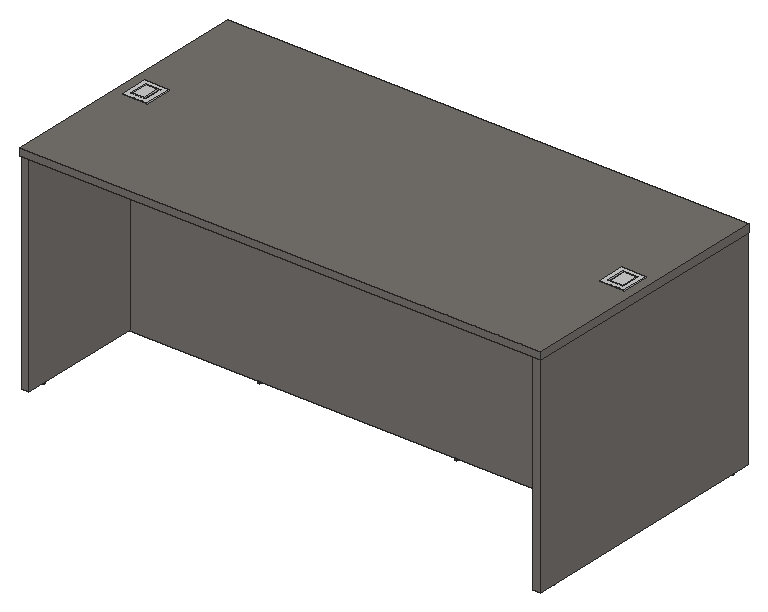
Revit family "Steelcase Turnstone - Campfire - Big Table", category Furniture, Revit 2016
Family settings
  Work Plane-Based = No
  Always vertical = Yes
  Cut with Voids When Loaded = No
  Shared = No
  Room Calculation Point = No
Parameters (values of type "48D x 40H - Power Cutout")
  Without Through 24'' D = no
  Width = 96.00"
  URL = "https://www.steelcase.com"
  Trough Void = 45.00"
  Top [instance] = Steelcase - 25L6 Blackwood LPL
  Symbol Name = "TS4TLP40A1,TS4TLP40A2,TS4TLP40A3,TS4TLP40A4"
  Style Number(s) = "TS4TLP40"
  Release Date = "April 2018"  # constant formula
  Product Line = "Turnstone"  # constant formula
  Product = "Campfire"  # constant formula
  Power Cutout = yes
  Opaque [instance] = yes
  Manufacturer = "Steelcase"  # constant formula
  With Trough = not(Trough Void = 45.00")  # no
  Height = 40.27"
  End Panel [instance] = Steelcase - 25L6 Blackwood LPL
  Description = ""
  Depth = 48.00"
  Copyright = "© 2010 Steelcase Inc."  # constant formula
  Center Rail = no
  Center Panel Height = 38.29"
  Without Trough 48'' D = yes
  Modesty Panel [instance] = Steelcase - 25L6 Blackwood LPL
  Center Panel Dist = 23.69495"
  AutoCAD Tag = "48/96"
  Authoring Version = "Revit 2016"  # constant formula
  Assembly Code = "E2020200"
Types (10): name | Without Through 24'' D | Trough Void | Symbol Name | Style Number(s) | Power Cutout | With Trough | Height | Depth | Center Rail | Center Panel Height | Without Trough 48'' D | Center Panel Dist | AutoCAD Tag
  48D x 40H - Power Cutout | no | 45.00" | "TS4TLP40A1,TS4TLP40A2,TS4TLP40A3,TS4TLP40A4" | "TS4TLP40" | yes | no | 40.27" | 48.00" | no | 38.29" | yes | 23.69495" | "48/96"
  48D x 28H - Power Cutout | no | 45.00" | "TS4TLP28A1,TS4TLP28A2,TS4TLP28A3,TS4TLP28A4" | "TS4TLP28" | yes | no | 28.00" | 48.00" | no | 26.29" | yes | 23.69495" | "48/96"
  24D x 40H | yes | 45.00" | "TS4TLH40A1,TS4TLH40A2,TS4TLH40A3,TS4TLH40A4" | "TS4TLH40" | no | no | 40.27" | 24.00" | no | 38.55" | no | 0.00" | "24/96"
  24D x 28H | yes | 45.00" | "TS4TLH28A1,TS4TLH28A2,TS4TLH28A3,TS4TLH28A4" | "TS4TLH28" | no | no | 28.00" | 24.00" | no | 26.29" | no | 0.00" | "24/96"
  48D x 28H - Through/Center Rail | no | 23.95" | "TS4TLT28A5,TS4TLT28A6,TS4TLT28A7,TS4TLT28A8" | "TS4TLT28" | yes | yes | 28.00" | 48.00" | yes | 26.29" | no | 23.69495" | "48/96"
  48D x 40H - Through/Center Rail | no | 35.95" | "TS4TLT40A5,TS4TLT40A6,TS4TLT40A7,TS4TLT40A8" | "TS4TLT40" | yes | yes | 40.00" | 48.3899" | yes | 38.29" | no | 23.69495" | "48/96"
  48D x 28H | no | 45.00" | "TS4TL2,TS4TL28A2,TS4TL28A3,TS4TL28A4" | "TS4TL28" | no | no | 28.00" | 48.00" | no | 26.29" | yes | 23.69495" | "48/96"
  48D x 28H - Through | no | 23.95" | "TS4TT2,TS4TLT28A2,TS4TLT28A3,TS4TLT28A4" | "TS4TLT28" | yes | yes | 28.00" | 48.00" | no | 26.29" | no | 23.69495" | "48/96"
  48D x 40H - Through | no | 35.95" | "TS4TT4,TS4TLT40A2,TS4TLT40A3,TS4TLT40A4" | "TS4TLT40" | yes | yes | 40.00" | 48.3899" | no | 38.29" | no | 23.69495" | "48/96"
  48D x 40H | no | 45.00" | "TS4TL4,TS4TL40A2,TS4TL40A3,TS4TL40A4" | "TS4TL40" | no | no | 40.27" | 48.00" | no | 38.56" | yes | 23.69495" | "48/96"
Reference planes (in)
  plane 1 "Center Front/Back": y = 0
  plane 2 "Bottom": z = 0
  plane 3 "Center Left/Right": x = 0
  plane 4: x = 96
  plane 5: z = 40.27
  plane 6: z = 38.8798
  plane 7: z = 0.3189
  plane 8: x = 1.5152
  plane 9: x = 0.125
  plane 10: x = 95.875
  plane 11: x = 94.4848
  plane 12: y = -0.125
  plane 13: y = -47.875
  plane 14: y = -48
  plane 15: y = -23.69495
  plane 16: y = -24.69495
  plane 17: y = -26.657
  plane 18: y = -27.657
  plane 19: y = -27.577
  plane 20: x = 85.4427
  plane 21: x = 73.4427
  plane 22: x = 64.4809
  plane 23: x = 52.4809
  plane 24: x = 43.5191
  plane 25: x = 31.5191
  plane 26: x = 22.5573
  plane 27: x = 10.5573
  plane 28: z = 37.3798
  plane 29: z = 38.7998
  plane 30: y = -21.343
  plane 31: y = -20.343
  plane 32: y = -20.423
  plane 33: z = 40.37
  plane 34: y = -21
  plane 35: y = -27
  plane 36: x = 7.89999
  plane 37: x = 88.10001
  plane 38: x = 7.99999
  plane 39: y = -26.98
  plane 40: y = -21.02
  plane 41: z = 39.97
  plane 42: z = 38.6089
  plane 43: z = 35.95
  plane 44: z = 36.065
  plane 45: z = 38.7598
  plane 46: y = -2.5
Forms (in)
  Extrusion 1, solid, material "Steelcase - 25L6 Blackwood LPL" <- "Top"
    sketch origin (0, 0, 0) x (1, 0, 0) y (0, 1, 0)
      loop
        line (0, -0.125) -> (0, -48) -> (96, -48) -> (96, -0.125) -> (0, -0.125)
    from 38.8798 to 40.27
  Extrusion 2, solid, material "Steelcase - 25L6 Blackwood LPL" <- "End Panel"
    sketch origin (0, 0, 0) x (1, 0, 0) y (0, 0, 1)
      loop
        line (0.125, 38.8798) -> (0.125, 0.3189) -> (1.5152, 0.3189) -> (1.5152, 38.8798) -> (0.125, 38.8798)
      loop
        line (94.4848, 38.8798) -> (94.4848, 0.3189) -> (95.875, 0.3189) -> (95.875, 38.8798) -> (94.4848, 38.8798)
    from 0 to 47.875
  Extrusion 3, solid, material "Steelcase - 6205 Black"
    sketch origin (0, 0, 0) x (1, 0, 0) y (0, 1, 0)
      loop
        line (1.01755, -2.625) -> (0.62255, -2.625) -> (0.2427, -3.125) -> (0.62255, -3.625) -> (1.01755, -3.625) -> (1.3974, -3.125) -> (1.01755, -2.625)
      loop
        line (1.01755, -43.62513) -> (0.62255, -43.62513) -> (0.2427, -44.12513) -> (0.62255, -44.62513) -> (1.01755, -44.62513) -> (1.3974, -44.12513) -> (1.01755, -43.62513)
      loop
        line (95.37745, -2.625) -> (94.98245, -2.625) -> (94.6026, -3.125) -> (94.98245, -3.625) -> (95.37745, -3.625) -> (95.7573, -3.125) -> (95.37745, -2.625)
      loop
        line (95.37745, -43.87487) -> (94.98245, -43.87487) -> (94.6026, -44.37487) -> (94.98245, -44.87487) -> (95.37745, -44.87487) -> (95.7573, -44.37487) -> (95.37745, -43.87487)
      loop
        line (25.55266, -23.69495) -> (25.19554, -23.69495) -> (24.79675, -24.21989) -> (25.15766, -24.69495) -> (25.59054, -24.69495) -> (25.95145, -24.21989) -> (25.55266, -23.69495)
      loop
        line (61.48554, -23.69495) -> (61.08675, -24.21989) -> (61.44766, -24.69495) -> (61.88054, -24.69495) -> (62.24145, -24.21989) -> (61.84266, -23.69495) -> (61.48554, -23.69495)
    from 0 to 0.32
  Extrusion 4, solid, material "Steelcase - 4799 Platinum Metallic", visible <- "Without Trough 48'' D"
    sketch origin (0, 0, 0) x (1, 0, 0) y (0, 0, 1)
      loop
        line (10.5573, 37.3798) -> (22.5573, 37.3798) -> (22.5573, 38.8798) -> (10.5573, 38.8798) -> (10.5573, 37.3798)
      loop
        line (31.5191, 37.3798) -> (43.5191, 37.3798) -> (43.5191, 38.8798) -> (31.5191, 38.8798) -> (31.5191, 37.3798)
      loop
        line (52.4809, 37.3798) -> (64.4809, 37.3798) -> (64.4809, 38.8798) -> (52.4809, 38.8798) -> (52.4809, 37.3798)
      loop
        line (73.4427, 37.3798) -> (85.4427, 37.3798) -> (85.4427, 38.8798) -> (73.4427, 38.8798) -> (73.4427, 37.3798)
    from 27.577 to 27.657
  Extrusion 5, solid, material "Steelcase - 4799 Platinum Metallic", visible <- "Without Trough 48'' D"
    sketch origin (0, 0, 0) x (1, 0, 0) y (0, 1, 0)
      loop
        line (10.5573, -26.657) -> (10.5573, -27.577) -> (22.5573, -27.577) -> (22.5573, -26.657) -> (10.5573, -26.657)
      loop
        line (31.5191, -26.657) -> (31.5191, -27.577) -> (43.5191, -27.577) -> (43.5191, -26.657) -> (31.5191, -26.657)
      loop
        line (52.4809, -26.657) -> (52.4809, -27.577) -> (64.4809, -27.577) -> (64.4809, -26.657) -> (52.4809, -26.657)
      loop
        line (73.4427, -26.657) -> (73.4427, -27.577) -> (85.4427, -27.577) -> (85.4427, -26.657) -> (73.4427, -26.657)
    from 38.7998 to 38.8798
  Extrusion 6, solid, material "Steelcase - 4799 Platinum Metallic", visible <- "Without Trough 48'' D"
    sketch origin (0, -48, 0) x (1, 0, 0) y (0, 1, 0)
      loop
        line (10.5573, 26.657) -> (22.5573, 26.657) -> (22.5573, 27.577) -> (10.5573, 27.577) -> (10.5573, 26.657)
      loop
        line (31.5191, 26.657) -> (43.5191, 26.657) -> (43.5191, 27.577) -> (31.5191, 27.577) -> (31.5191, 26.657)
      loop
        line (52.4809, 26.657) -> (64.4809, 26.657) -> (64.4809, 27.577) -> (52.4809, 27.577) -> (52.4809, 26.657)
      loop
        line (73.4427, 26.657) -> (85.4427, 26.657) -> (85.4427, 27.577) -> (73.4427, 27.577) -> (73.4427, 26.657)
    from 38.7998 to 38.8798
  Extrusion 7, solid, material "Steelcase - 4799 Platinum Metallic", visible <- "Without Trough 48'' D"
    sketch origin (0, -47.99716, -4.5) x (1, 0, 0) y (0, 0, -1)
      loop
        line (10.5573, -41.8798) -> (10.5573, -43.3798) -> (22.5573, -43.3798) -> (22.5573, -41.8798) -> (10.5573, -41.8798)
      loop
        line (31.5191, -41.8798) -> (31.5191, -43.3798) -> (43.5191, -43.3798) -> (43.5191, -41.8798) -> (31.5191, -41.8798)
      loop
        line (52.4809, -41.8798) -> (52.4809, -43.3798) -> (64.4809, -43.3798) -> (64.4809, -41.8798) -> (52.4809, -41.8798)
      loop
        line (73.4427, -41.8798) -> (73.4427, -43.3798) -> (85.4427, -43.3798) -> (85.4427, -41.8798) -> (73.4427, -41.8798)
    from 27.57416 to 27.65416
  Extrusion 8, void, detail levels fine
    sketch origin (0, 0, 0) x (1, 0, 0) y (0, 1, 0)
      loop
        line (0, -21) -> (0, -27) -> (96, -27) -> (96, -21) -> (0, -21)
    from 45 <- "Trough Void" to 40.27
  Extrusion 9, solid, material "Steelcase - 4799 Platinum Metallic", visible <- "With Trough"
    sketch origin (88.10001, -20.02, 48) x (0, -1, 0) y (0, 0, 1)
      loop
        line (-1.02, -12.05) -> (8.98, -12.05) -> (8.98, -9.2402) -> (9.98, -9.2402) -> (9.98, -9.1202) -> (8.865, -9.1202) -> (8.865, -11.935) -> (-0.905, -11.935) -> (-0.905, -9.1202) -> (-2.02, -9.1202) -> (-2.02, -9.2402) -> (-1.02, -9.2402) -> (-1.02, -12.05)
    from 0 to 80.20001
  Extrusion 10, solid, material "Steelcase - 8043 Clear Anodized Aluminum", visible <- "With Trough"
    sketch origin (0, 0, 0) x (1, 0, 0) y (0, 1, 0)
      loop
        line (0, -21.02) -> (0, -26.98) -> (7.99999, -26.98) -> (7.99999, -21.02) -> (0, -21.02)
      loop
        line (1.8, -21.5) -> (1.8, -26.5) -> (6.22, -26.5) -> (6.22, -21.5) -> (1.8, -21.5)
      loop
        line (96, -21.02) -> (88.00001, -21.02) -> (88.00001, -26.98) -> (96, -26.98) -> (96, -21.02)
      loop
        line (94.2, -21.5) -> (89.78, -21.5) -> (89.78, -26.5) -> (94.2, -26.5) -> (94.2, -21.5)
    from 38.8798 to 40.27
  Extrusion 11, solid, material "Steelcase - 8043 Clear Anodized Aluminum", visible <- "Power Cutout"
    sketch origin (0, 0, 0) x (1, 0, 0) y (0, 1, 0)
      loop
        line (1.8, -21.5) -> (1.8, -26.5) -> (6.22, -26.5) -> (6.22, -21.5) -> (1.8, -21.5)
      loop
        line (2.60001, -22.3) -> (2.60001, -25.7) -> (5.41999, -25.7) -> (5.41999, -22.3) -> (2.60001, -22.3)
      loop
        line (2.74999, -22.35) -> (2.74999, -25.65) -> (4.92, -25.65) -> (4.92, -22.35) -> (2.74999, -22.35)
      loop
        line (94.19999, -21.5) -> (89.77999, -21.5) -> (89.77999, -26.5) -> (94.19999, -26.5) -> (94.19999, -21.5)
      loop
        line (93.39998, -22.3) -> (90.58, -22.3) -> (90.58, -25.7) -> (93.39998, -25.7) -> (93.39998, -22.3)
      loop
        line (93.25, -22.35) -> (91.07999, -22.35) -> (91.07999, -25.65) -> (93.25, -25.65) -> (93.25, -22.35)
    from 39.97 to 40.37
  Extrusion 12, solid, material "Steelcase - 25L6 Blackwood LPL" <- "Modesty Panel"
    sketch origin (0, 0, 0) x (1, 0, 0) y (0, 1, 0)
      loop
        line (1.5152, -23.69495) -> (1.5152, -24.69495) -> (94.4848, -24.69495) -> (94.4848, -23.69495) -> (1.5152, -23.69495)
    from 0.3189 to 38.6089
  Extrusion 13, solid, material "Steelcase - 8043 Clear Anodized Aluminum", visible <- "With Trough"
    sketch origin (0, 0, 0) x (1, 0, 0) y (0, 1, 0)
      loop
        line (7.89999, -21.02) -> (7.89999, -26.98) -> (7.99999, -26.98) -> (7.99999, -21.02) -> (7.89999, -21.02)
      loop
        line (88.00001, -21) -> (88.00001, -27) -> (88.10001, -27) -> (88.10001, -21) -> (88.00001, -21)
    from 35.95 to 38.8798
  Extrusion 14, solid, material "Steelcase - 4799 Platinum Metallic", visible <- "Without Through 24'' D"
    sketch origin (0, 0, 0) x (1, 0, 0) y (0, 1, 0)
      loop
        line (10.5573, -2.5) -> (10.5573, -3.5499) -> (22.5573, -3.5499) -> (22.5573, -2.5) -> (10.5573, -2.5)
    from 38.7998 to 38.8798
  Extrusion 15, solid, material "Steelcase - 4799 Platinum Metallic", visible <- "Without Through 24'' D"
    sketch origin (0, 0, 0) x (0, 1, 0) y (0, 0, 1)
      loop
        line (-3.5499, 38.8798) -> (-3.60399, 38.8798) -> (-3.60399, 37.3798) -> (-3.5499, 37.3798) -> (-3.5499, 38.8798)
    from 10.5573 to 22.5573
  Extrusion 16, solid, material "Steelcase - 4799 Platinum Metallic", visible <- "Without Through 24'' D"
    sketch origin (20.9618, 0, 0) x (1, 0, 0) y (0, 1, 0)
      loop
        line (10.5573, -2.5) -> (10.5573, -3.5499) -> (22.5573, -3.5499) -> (22.5573, -2.5) -> (10.5573, -2.5)
    from 38.7998 to 38.6089
  Extrusion 17, solid, material "Steelcase - 4799 Platinum Metallic", visible <- "Without Through 24'' D"
    sketch origin (41.9236, 0, 0) x (1, 0, 0) y (0, 1, 0)
      loop
        line (10.5573, -2.5) -> (10.5573, -3.5499) -> (22.5573, -3.5499) -> (22.5573, -2.5) -> (10.5573, -2.5)
    from 38.7998 to 38.6089
  Extrusion 18, solid, material "Steelcase - 4799 Platinum Metallic", visible <- "Without Through 24'' D"
    sketch origin (62.8854, 0, 0) x (1, 0, 0) y (0, 1, 0)
      loop
        line (10.5573, -2.5) -> (10.5573, -3.5499) -> (22.5573, -3.5499) -> (22.5573, -2.5) -> (10.5573, -2.5)
    from 38.7998 to 38.6089
  Extrusion 19, solid, material "Steelcase - 4799 Platinum Metallic", visible <- "Without Through 24'' D"
    sketch origin (0, 0, 0) x (0, 1, 0) y (0, 0, 1)
      loop
        line (-3.5499, 38.8798) -> (-3.60399, 38.8798) -> (-3.60399, 37.3798) -> (-3.5499, 37.3798) -> (-3.5499, 38.8798)
    from 31.5191 to 43.5191
  Extrusion 20, solid, material "Steelcase - 4799 Platinum Metallic", visible <- "Without Through 24'' D"
    sketch origin (0, 0, 0) x (0, 1, 0) y (0, 0, 1)
      loop
        line (-3.5499, 38.8798) -> (-3.60399, 38.8798) -> (-3.60399, 37.3798) -> (-3.5499, 37.3798) -> (-3.5499, 38.8798)
    from 52.4809 to 64.4809
  Extrusion 21, solid, material "Steelcase - 4799 Platinum Metallic", visible <- "Without Through 24'' D"
    sketch origin (0, 0, 0) x (0, 1, 0) y (0, 0, 1)
      loop
        line (-3.5499, 38.8798) -> (-3.60399, 38.8798) -> (-3.60399, 37.3798) -> (-3.5499, 37.3798) -> (-3.5499, 38.8798)
    from 73.4427 to 85.4427
Cuts and joins
  Extrusion 8 cuts Extrusion 3
  Extrusion 8 cuts Extrusion 1
  joined: Extrusion 10, Extrusion 13
  Extrusion 8 cuts Extrusion 12
Lines and regions (in)
  Masking region 1, visible <- "Opaque"
    outline origin (0, 0, 0) x (1, 0, 0) y (0, 1, 0)
      loop
        line (96, 0) -> (0, 0) -> (0, -48) -> (96, -48) -> (96, 0)
  symbolic lines, style "Steelcase Hidden Lines", detail levels medium+fine
    curve 1: line (1.5152, -0.125, 0) -> (1.5152, -47.875, 0)
    curve 2: line (0.125, -47.875, 0) -> (0.125, -0.125, 0)
    curve 3: line (0.125, -0.125, 0) -> (1.5152, -0.125, 0)
    curve 4: line (1.5152, -47.875, 0) -> (0.125, -47.875, 0)
    curve 5: line (94.4848, 0, 0) -> (1.5152, 0, 0)
    curve 6: line (94.4848, -47.875, 0) -> (94.4848, -0.125, 0)
    curve 7: line (95.875, -0.125, 0) -> (95.875, -47.875, 0)
    curve 8: line (95.875, -47.875, 0) -> (94.4848, -47.875, 0)
    curve 9: line (94.4848, -0.125, 0) -> (95.875, -0.125, 0)
  symbolic lines, style "Steelcase Furniture", visible <- "With Trough", detail levels medium+fine
    curve 10: line (0, -21, 0) -> (96, -21, 0)
    curve 11: line (0, -27, 0) -> (96, -27, 0)
    curve 12: line (8, -21.02, 0) -> (0, -21.02, 0)
    curve 13: line (8, -26.98, 0) -> (8, -21.02, 0)
    curve 14: line (0, -26.98, 0) -> (8, -26.98, 0)
    curve 15: line (88, -21.02, 0) -> (88, -26.98, 0)
    curve 16: line (96, -21.02, 0) -> (88, -21.02, 0)
    curve 17: line (88, -26.98, 0) -> (96, -26.98, 0)
  symbolic lines, style "Steelcase Hidden Lines", visible <- "Without Trough 48'' D", detail levels medium+fine
    curve 18: line (31.5191, -27.657, 0) -> (43.5191, -27.657, 0)
    curve 19: line (43.5191, -26.657, 0) -> (31.5191, -26.657, 0)
    curve 20: line (31.5191, -26.657, 0) -> (31.5191, -27.657, 0)
    curve 21: line (43.5191, -27.657, 0) -> (43.5191, -26.657, 0)
    curve 22: line (10.5573, -27.657, 0) -> (22.5573, -27.657, 0)
    curve 23: line (22.5573, -26.657, 0) -> (10.5573, -26.657, 0)
    curve 24: line (10.5573, -26.657, 0) -> (10.5573, -27.657, 0)
    curve 25: line (22.5573, -27.657, 0) -> (22.5573, -26.657, 0)
    curve 26: line (10.5573, -21.343, 0) -> (22.5573, -21.343, 0)
    curve 27: line (22.5573, -20.343, 0) -> (10.5573, -20.343, 0)
    curve 28: line (10.5573, -20.343, 0) -> (10.5573, -21.343, 0)
    curve 29: line (22.5573, -21.343, 0) -> (22.5573, -20.343, 0)
    curve 30: line (31.5191, -21.343, 0) -> (43.5191, -21.343, 0)
    curve 31: line (43.5191, -20.343, 0) -> (31.5191, -20.343, 0)
    curve 32: line (31.5191, -20.343, 0) -> (31.5191, -21.343, 0)
    curve 33: line (43.5191, -21.343, 0) -> (43.5191, -20.343, 0)
    curve 34: line (52.4809, -21.343, 0) -> (64.4809, -21.343, 0)
    curve 35: line (64.4809, -20.343, 0) -> (52.4809, -20.343, 0)
    curve 36: line (52.4809, -20.343, 0) -> (52.4809, -21.343, 0)
    curve 37: line (64.4809, -21.343, 0) -> (64.4809, -20.343, 0)
    curve 38: line (52.4809, -27.657, 0) -> (64.4809, -27.657, 0)
    curve 39: line (64.4809, -26.657, 0) -> (52.4809, -26.657, 0)
    curve 40: line (52.4809, -26.657, 0) -> (52.4809, -27.657, 0)
    curve 41: line (64.4809, -27.657, 0) -> (64.4809, -26.657, 0)
    curve 42: line (73.4427, -21.343, 0) -> (85.4427, -21.343, 0)
    curve 43: line (85.4427, -20.343, 0) -> (73.4427, -20.343, 0)
    curve 44: line (73.4427, -20.343, 0) -> (73.4427, -21.343, 0)
    curve 45: line (85.4427, -21.343, 0) -> (85.4427, -20.343, 0)
    curve 46: line (73.4427, -27.657, 0) -> (85.4427, -27.657, 0)
    curve 47: line (85.4427, -26.657, 0) -> (73.4427, -26.657, 0)
    curve 48: line (73.4427, -26.657, 0) -> (73.4427, -27.657, 0)
    curve 49: line (85.4427, -27.657, 0) -> (85.4427, -26.657, 0)
  symbolic lines, style "Steelcase Furniture"
    curve 50: line (0, 0, 0) -> (96, 0, 0)
    curve 51: line (0, -48, 0) -> (0, 0, 0)
    curve 52: line (96, -48, 0) -> (0, -48, 0)
    curve 53: line (96, 0, 0) -> (96, -48, 0)
  symbolic lines, style "Steelcase Hidden Lines", visible <- "Without Through 24'' D"
    curve 54: line (10.5573, -2.5, 0) -> (10.5573, -3.60399, 0)
    curve 55: line (10.5573, -3.60399, 0) -> (22.5573, -3.60399, 0)
    curve 56: line (22.5573, -2.5, 0) -> (10.5573, -2.5, 0)
    curve 57: line (22.5573, -3.60399, 0) -> (22.5573, -2.5, 0)
    curve 58: line (31.5191, -2.5, 0) -> (31.5191, -3.60399, 0)
    curve 59: line (31.5191, -3.60399, 0) -> (43.5191, -3.60399, 0)
    curve 60: line (43.5191, -2.5, 0) -> (31.5191, -2.5, 0)
    curve 61: line (43.5191, -3.60399, 0) -> (43.5191, -2.5, 0)
    curve 62: line (64.4809, -3.60399, 0) -> (64.4809, -2.5, 0)
    curve 63: line (64.4809, -2.5, 0) -> (52.4809, -2.5, 0)
    curve 64: line (52.4809, -3.60399, 0) -> (64.4809, -3.60399, 0)
    curve 65: line (52.4809, -2.5, 0) -> (52.4809, -3.60399, 0)
    curve 66: line (73.4427, -2.5, 0) -> (73.4427, -3.60399, 0)
    curve 67: line (85.4427, -2.5, 0) -> (73.4427, -2.5, 0)
    curve 68: line (85.4427, -3.60399, 0) -> (85.4427, -2.5, 0)
    curve 69: line (73.4427, -3.60399, 0) -> (85.4427, -3.60399, 0)
  symbolic lines, style "Steelcase Furniture", visible <- "Power Cutout"
    curve 70: line (1.8, -21.5, 0) -> (6.22, -21.5, 0)
    curve 71: line (1.8, -26.5, 0) -> (1.8, -21.5, 0)
    curve 72: line (6.22, -26.5, 0) -> (1.8, -26.5, 0)
    curve 73: line (6.22, -21.5, 0) -> (6.22, -26.5, 0)
    curve 74: line (89.78, -21.5, 0) -> (94.19999, -21.5, 0)
    curve 75: line (89.78, -26.5, 0) -> (89.78, -21.5, 0)
    curve 76: line (94.19999, -26.5, 0) -> (89.78, -26.5, 0)
    curve 77: line (94.19999, -21.5, 0) -> (94.19999, -26.5, 0)
  symbolic lines, style "Steelcase Hidden Lines"
    curve 78: line (94.4848, -24.69495, 0) -> (1.5152, -24.69495, 0)
    curve 79: line (94.4848, -23.69495, 0) -> (94.4848, -24.69495, 0)
    curve 80: line (1.5152, -23.69495, 0) -> (94.4848, -23.69495, 0)
    curve 81: line (1.5152, -24.69495, 0) -> (1.5152, -23.69495, 0)
Dimensions and locks (in)
  plane 3 "Center Left/Right" to plane 9 to plane 8 = 0.125" locked, 1.3902" locked
  plane 11 to plane 10 to plane 4 = 1.3902" locked, 0.125" locked
  locked: plane 12 to plane 1 "Center Front/Back" at 0.125
  locked: plane 14 to plane 13 at 0.125
  plane 30 to plane 32 to plane 31 = 0.92" locked, 0.08" locked
  plane 17 to plane 19 to plane 18 = 0.92" locked, 0.08" locked
  "Center Panel Height": plane 42 to plane 7
  "Height": plane 5 to plane 2 "Bottom"
  locked: plane 7 to plane 2 "Bottom" at 0.3189
  plane 33 to plane 5 to plane 41 to plane 6 to plane 29 to plane 45 to plane 28 to plane 44 to plane 43 = 0.10" locked, 0.30" locked, 1.0902" locked, 0.08" locked, 0.04" locked, 1.38" locked, 1.3148" locked, 0.115"
  "Width": plane 3 "Center Left/Right" to plane 4
  "Depth": plane 14 to plane 1 "Center Front/Back"
  locked: plane 15 to plane 16 at 1
  "Center Panel Dist": plane 1 "Center Front/Back" to plane 15
  plane 46 to plane 1 "Center Front/Back" = 2.50"
  aligned and locked: level to plane 2 "Bottom"
  aligned and locked: plane 5 to Extrusion 1
  aligned and locked: Extrusion 1 to plane 6
  aligned and locked: Extrusion 2 to plane 1 "Center Front/Back"
  aligned and locked: Extrusion 1 to plane 12
  aligned and locked: plane 13 to Extrusion 2
  aligned and locked: plane 14 to Extrusion 1
  aligned and locked: Extrusion 3 to plane 2 "Bottom"
  aligned and locked: Extrusion 4 to plane 18
  aligned and locked: plane 19 to Extrusion 4
  aligned and locked: plane 29 to Extrusion 5
  aligned and locked: plane 6 to Extrusion 5
  aligned and locked: Extrusion 6 to plane 32  (x4)
  aligned and locked: Extrusion 7 to plane 31
  aligned and locked: Extrusion 7 to plane 32
  aligned and locked: plane 30 to Extrusion 6  (x2)
  aligned and locked: Extrusion 6 to plane 30  (x2)
  aligned and locked: plane 6 to Extrusion 7
  aligned and locked: Extrusion 7 to plane 28
  aligned and locked: Extrusion 7 to plane 6  (x3)
  aligned and locked: plane 28 to Extrusion 7  (x3)
  aligned and locked: Extrusion 6 to plane 29
  aligned and locked: Extrusion 6 to plane 6
  aligned and locked: Extrusion 1 to Extrusion 8
  aligned and locked: plane 36 to Extrusion 9
  aligned and locked: Extrusion 10 to plane 5
  aligned and locked: Extrusion 10 to plane 6
  aligned and locked: plane 33 to Extrusion 11
  aligned and locked: Extrusion 11 to plane 41
  aligned and locked: plane 8 to Extrusion 12
  aligned and locked: Extrusion 12 to plane 11
  aligned and locked: Extrusion 12 to plane 7
  aligned and locked: Extrusion 12 to plane 42
  aligned and locked: plane 38 to Extrusion 13 sketch curve
  aligned and locked: Extrusion 13 sketch curve to plane 36
  aligned and locked: plane 40 to Extrusion 13 sketch curve
  aligned and locked: Extrusion 13 sketch curve to plane 39
  aligned and locked: plane 43 to Extrusion 13
  aligned and locked: plane 6 to Extrusion 13
  aligned and locked: Masking region 1 sketch curve to plane 1 "Center Front/Back"
  aligned and locked: plane 14 to Masking region 1 sketch curve
  aligned and locked: Masking region 1 sketch curve to plane 3 "Center Left/Right"
  aligned and locked: Masking region 1 sketch curve to plane 4
  aligned and locked: plane 15 to Extrusion 12
  aligned and locked: Extrusion 12 to plane 16
  aligned and locked: Extrusion 12 sketch curve to plane 15
  aligned and locked: plane 16 to Extrusion 12 sketch curve
  aligned and locked: plane 44 to nested 1
  aligned and locked: Extrusion 14 to cut or joined group of Extrusion 1, Extrusion 8
  aligned and locked: Extrusion 14 to plane 29
  aligned and locked: cut or joined group of Extrusion 1, Extrusion 8 to Extrusion 15 sketch curve
  aligned and locked: plane 28 to Extrusion 15 sketch curve
  aligned and locked: Extrusion 15 to Extrusion 14
  aligned and locked: Extrusion 15 to plane 27
  aligned and locked: plane 26 to Extrusion 15
  aligned and locked: Extrusion 16 to plane 29
  aligned and locked: Extrusion 17 to plane 29
  aligned and locked: Extrusion 18 to plane 29
  aligned and locked: Extrusion 16 to plane 42
  aligned and locked: Extrusion 17 to plane 42
  aligned and locked: Extrusion 18 to plane 42
  aligned and locked: curve 54 to Extrusion 14
  aligned and locked: curve 55 to Extrusion 15
  aligned and locked: curve 56 to Extrusion 14
  aligned and locked: curve 57 to Extrusion 14
  aligned and locked: curve 58 to Extrusion 16
  aligned and locked: curve 59 to Extrusion 19
  aligned and locked: curve 60 to Extrusion 16
  aligned and locked: curve 61 to Extrusion 16
  aligned and locked: curve 62 to Extrusion 17
  aligned and locked: curve 63 to Extrusion 17
  aligned and locked: curve 64 to Extrusion 20
  aligned and locked: curve 65 to Extrusion 17
  aligned and locked: curve 66 to Extrusion 18
  aligned and locked: curve 67 to Extrusion 18
  aligned and locked: curve 68 to Extrusion 18
  aligned and locked: curve 69 to Extrusion 21
  aligned and locked: Extrusion 3 sketch curve to plane 15
  aligned and locked: Extrusion 3 sketch curve to plane 16
  aligned and locked: curve 70 to Extrusion 11
  aligned and locked: curve 71 to Extrusion 11
  aligned and locked: curve 72 to Extrusion 11
  aligned and locked: curve 73 to Extrusion 11
  aligned and locked: curve 74 to cut or joined group of Extrusion 10, Extrusion 13
  aligned and locked: curve 75 to cut or joined group of Extrusion 10, Extrusion 13
  aligned and locked: curve 76 to Extrusion 11
  aligned and locked: curve 77 to Extrusion 11
  aligned and locked: curve 78 to cut or joined group of Extrusion 8, Extrusion 12
  aligned and locked: curve 79 to curve 6
  aligned and locked: curve 80 to plane 15
Automatic sketch dimensions
  Extrusion 1 sketch curve to plane 3 "Center Left/Right" = 0.00"
  Extrusion 1 sketch curve to plane 4 = 0.00"
  plane 14 to Extrusion 1 sketch curve = 0.00"
  plane 12 to Extrusion 1 sketch curve = 0.00"
  Extrusion 2 sketch curve to plane 7 = 0.00"  (x2)
  plane 9 to Extrusion 2 sketch curve = 0.00"
  plane 8 to Extrusion 2 sketch curve = 0.00"
  Extrusion 2 sketch curve to plane 6 = 0.00"  (x2)
  plane 11 to Extrusion 2 sketch curve = 0.00"
  plane 10 to Extrusion 2 sketch curve = 0.00"
  Extrusion 4 sketch curve to plane 6 = 0.00"  (x4)
  plane 27 to Extrusion 4 sketch curve = 0.00"
  plane 26 to Extrusion 4 sketch curve = 0.00"
  plane 25 to Extrusion 4 sketch curve = 0.00"
  plane 24 to Extrusion 4 sketch curve = 0.00"
  plane 23 to Extrusion 4 sketch curve = 0.00"
  plane 22 to Extrusion 4 sketch curve = 0.00"
  plane 21 to Extrusion 4 sketch curve = 0.00"
  plane 20 to Extrusion 4 sketch curve = 0.00"
  Extrusion 4 sketch curve to plane 28 = 0.00"  (x4)
  Extrusion 5 sketch curve to plane 19 = 0.00"  (x4)
  Extrusion 5 sketch curve to plane 27 = 0.00"
  Extrusion 5 sketch curve to plane 26 = 0.00"
  Extrusion 5 sketch curve to plane 17 = 0.00"  (x4)
  Extrusion 5 sketch curve to plane 25 = 0.00"
  Extrusion 5 sketch curve to plane 24 = 0.00"
  Extrusion 5 sketch curve to plane 23 = 0.00"
  Extrusion 5 sketch curve to plane 22 = 0.00"
  Extrusion 5 sketch curve to plane 21 = 0.00"
  Extrusion 5 sketch curve to plane 20 = 0.00"
  Extrusion 6 sketch curve to plane 27 = 0.00"
  Extrusion 6 sketch curve to plane 26 = 0.00"
  Extrusion 6 sketch curve to plane 25 = 0.00"
  Extrusion 6 sketch curve to plane 24 = 0.00"
  Extrusion 6 sketch curve to plane 23 = 0.00"
  Extrusion 6 sketch curve to plane 22 = 0.00"
  Extrusion 6 sketch curve to plane 21 = 0.00"
  Extrusion 6 sketch curve to plane 20 = 0.00"
  plane 32 to Extrusion 6 sketch curve = 0.00"  (x3)
  Extrusion 6 sketch curve to plane 32 = 0.00"
  plane 30 to Extrusion 6 sketch curve = 0.00"  (x4)
  Extrusion 7 sketch curve to plane 6 = 0.00"  (x4)
  plane 27 to Extrusion 7 sketch curve = 0.00"
  plane 26 to Extrusion 7 sketch curve = 0.00"
  plane 25 to Extrusion 7 sketch curve = 0.00"
  plane 24 to Extrusion 7 sketch curve = 0.00"
  plane 23 to Extrusion 7 sketch curve = 0.00"
  plane 22 to Extrusion 7 sketch curve = 0.00"
  plane 21 to Extrusion 7 sketch curve = 0.00"
  plane 20 to Extrusion 7 sketch curve = 0.00"
  Extrusion 7 sketch curve to plane 28 = 0.00"  (x4)
  Extrusion 8 sketch curve to plane 3 "Center Left/Right" = 0.00"
  Extrusion 8 sketch curve to plane 4 = 0.00"
  plane 35 to Extrusion 8 sketch curve = 0.00"
  plane 34 to Extrusion 8 sketch curve = 0.00"
  Extrusion 9 sketch curve to plane 6 = 0.00"  (x2)
  plane 45 to Extrusion 9 sketch curve = 0.00"  (x2)
  plane 43 to Extrusion 9 sketch curve = 0.00"
  plane 44 to Extrusion 9 sketch curve = 0.00"
  Extrusion 9 sketch curve to plane 31 = 2.343"
  Extrusion 9 sketch curve to Extrusion 9 sketch curve = 1.00"  (x2)
  Extrusion 9 sketch curve to Extrusion 9 sketch curve = 0.115"  (x2)
  Extrusion 9 sketch curve to plane 18 = 1.228"
  Extrusion 10 sketch curve to plane 3 "Center Left/Right" = 0.00"
  Extrusion 10 sketch curve to plane 38 = 0.00"
  plane 40 to Extrusion 10 sketch curve = 0.00"  (x2)
  plane 39 to Extrusion 10 sketch curve = 0.00"  (x2)
  Extrusion 10 sketch curve to plane 4 = 0.00"
  Extrusion 10 sketch curve to plane 8 = 0.2848"
  plane 30 to Extrusion 10 sketch curve = 0.157"  (x2)
  plane 36 to Extrusion 10 sketch curve = 1.67999"
  plane 37 to Extrusion 10 sketch curve = 0.10"
  Extrusion 10 sketch curve to plane 37 = 1.67999"
  plane 11 to Extrusion 10 sketch curve = 0.2848"
  plane 17 to Extrusion 10 sketch curve = 0.157"  (x2)
  Extrusion 11 sketch curve to plane 8 = 0.2848"
  Extrusion 11 sketch curve to plane 8 = 1.08481"
  Extrusion 11 sketch curve to Extrusion 11 sketch curve = 0.14999"  (x2)
  plane 17 to Extrusion 11 sketch curve = 1.007"  (x2)
  Extrusion 11 sketch curve to Extrusion 11 sketch curve = 2.17001"
  Extrusion 11 sketch curve to Extrusion 11 sketch curve = 0.49999"  (x2)
  plane 30 to Extrusion 11 sketch curve = 0.157"  (x2)
  Extrusion 11 sketch curve to Extrusion 11 sketch curve = 0.80001"  (x2)
  Extrusion 11 sketch curve to plane 37 = 1.67998"
  plane 11 to Extrusion 11 sketch curve = 1.2348"
  plane 11 to Extrusion 11 sketch curve = 0.28481"
  Extrusion 11 sketch curve to Extrusion 11 sketch curve = 0.05"  (x4)
  plane 17 to Extrusion 11 sketch curve = 0.157"  (x2)
  plane 30 to Extrusion 11 sketch curve = 1.007"  (x2)
  Extrusion 12 sketch curve to plane 8 = 0.00"
  Extrusion 12 sketch curve to plane 11 = 0.00"
  plane 34 to Extrusion 13 sketch curve = 0.00"
  plane 35 to Extrusion 13 sketch curve = 0.00"
  Extrusion 13 sketch curve to plane 37 = 0.00"
  plane 37 to Extrusion 13 sketch curve = 0.10"
  Extrusion 14 sketch curve to plane 27 = 0.00"
  Extrusion 14 sketch curve to plane 26 = 0.00"
  plane 46 to Extrusion 14 sketch curve = 0.00"
  plane 46 to Extrusion 14 sketch curve = 1.0499"
  plane 46 to Extrusion 15 sketch curve = 1.10399"
  Extrusion 15 sketch curve to Extrusion 15 sketch curve = 0.05409"
  Extrusion 16 sketch curve to plane 25 = 0.00"
  Extrusion 16 sketch curve to plane 24 = 0.00"
  plane 46 to Extrusion 16 sketch curve = 0.00"
  Extrusion 16 sketch curve to Extrusion 16 sketch curve = 1.0499"
  Extrusion 17 sketch curve to plane 23 = 0.00"
  Extrusion 17 sketch curve to plane 22 = 0.00"
  plane 46 to Extrusion 17 sketch curve = 0.00"
  Extrusion 17 sketch curve to Extrusion 17 sketch curve = 1.0499"
  Extrusion 18 sketch curve to plane 21 = 0.00"
  Extrusion 18 sketch curve to plane 20 = 0.00"
  plane 46 to Extrusion 18 sketch curve = 0.00"
  Extrusion 18 sketch curve to Extrusion 18 sketch curve = 1.0499"
  plane 6 to Extrusion 19 sketch curve = 0.00"
  Extrusion 19 sketch curve to plane 28 = 0.00"
  plane 46 to Extrusion 19 sketch curve = 1.10399"
  Extrusion 19 sketch curve to Extrusion 19 sketch curve = 0.05409"
  plane 6 to Extrusion 20 sketch curve = 0.00"
  Extrusion 20 sketch curve to plane 28 = 0.00"
  plane 46 to Extrusion 20 sketch curve = 1.10399"
  Extrusion 20 sketch curve to Extrusion 20 sketch curve = 0.05409"
  plane 6 to Extrusion 21 sketch curve = 0.00"
  Extrusion 21 sketch curve to plane 28 = 0.00"
  plane 46 to Extrusion 21 sketch curve = 1.10399"
  Extrusion 21 sketch curve to Extrusion 21 sketch curve = 0.05409"
  Extrusion 3 sketch curve to plane 16 = 0.00"
  Extrusion 3 sketch curve to plane 15 = 0.00"
  Extrusion 3 sketch curve to plane 9 = 0.1177"  (x2)
  plane 46 to Extrusion 3 sketch curve = 0.125"  (x2)
  Extrusion 3 sketch curve to plane 9 = 0.49755"  (x4)
  Extrusion 3 sketch curve to Extrusion 3 sketch curve = 0.395"  (x8)
  plane 8 to Extrusion 3 sketch curve = 0.1178"  (x2)
  plane 16 to Extrusion 3 sketch curve = 0.47506"  (x4)
  Extrusion 3 sketch curve to plane 26 = 2.23945"
  Extrusion 3 sketch curve to Extrusion 3 sketch curve = 0.36091"  (x4)
  Extrusion 3 sketch curve to Extrusion 3 sketch curve = 0.39879"  (x2)
  Extrusion 3 sketch curve to Extrusion 3 sketch curve = 0.35711"  (x2)
  Extrusion 3 sketch curve to Extrusion 3 sketch curve = 0.43289"  (x2)
  plane 22 to Extrusion 3 sketch curve = 3.39415"
  Extrusion 3 sketch curve to plane 11 = 0.1178"  (x2)
  Extrusion 3 sketch curve to plane 11 = 0.49765"  (x4)
  plane 10 to Extrusion 3 sketch curve = 0.1177"  (x2)
  Extrusion 3 sketch curve to plane 13 = 4.24987"
  Extrusion 3 sketch curve to plane 13 = 4.00013"
  Extrusion 3 sketch curve to Extrusion 3 sketch curve = 0.50"  (x6)
  Extrusion 3 sketch curve to Extrusion 3 sketch curve = 1.00"  (x2)
  plane 46 to Extrusion 3 sketch curve = 0.625"  (x4)
  curve 11 to plane 3 "Center Left/Right" = 0.00"
  curve 28 to plane 27 = 0.00"
  curve 24 to plane 27 = 0.00"
  curve 23 to plane 17 = 0.00"
  curve 23 to plane 26 = 0.00"
  curve 29 to plane 26 = 0.00"
  curve 20 to plane 17 = 0.00"
  curve 40 to plane 17 = 0.00"
  curve 48 to plane 17 = 0.00"
  curve 17 to plane 4 = 0.00"
  plane 14 to curve 51 = 0.00"
  plane 35 to curve 11 = 0.00"
  plane 34 to curve 10 = 0.00"
  plane 1 "Center Front/Back" to curve 50 = 0.00"
  plane 9 to curve 3 = 0.00"
  plane 8 to curve 78 = 0.00"
  plane 8 to curve 3 = 0.00"
  plane 39 to curve 13 = 0.00"
  curve 13 to plane 38 = 0.00"
  plane 25 to curve 20 = 0.00"
  plane 25 to curve 30 = 0.00"
  plane 24 to curve 31 = 0.00"
  plane 24 to curve 21 = 0.00"
  curve 34 to plane 23 = 0.00"
  curve 40 to plane 23 = 0.00"
  curve 37 to plane 22 = 0.00"
  curve 39 to plane 22 = 0.00"
  curve 46 to plane 21 = 0.00"
  plane 31 to curve 44 = 0.00"
  curve 44 to plane 21 = 0.00"
  curve 46 to plane 20 = 0.00"
  curve 43 to plane 20 = 0.00"
  curve 16 to plane 40 = 0.00"
  plane 37 to curve 16 = 0.10001"
  plane 12 to curve 6 = 0.00"
  plane 11 to curve 6 = 0.00001"
  plane 10 to curve 7 = 0.00001"
  plane 13 to curve 2 = 0.00"
  plane 13 to curve 8 = 0.00"
  curve 49 to plane 18 = 0.00"
  curve 41 to plane 18 = 0.00"
  curve 25 to plane 18 = 0.00"
  curve 21 to plane 18 = 0.00"
  plane 39 to curve 17 = 0.00"
  plane 30 to curve 34 = 0.00"
  plane 30 to curve 32 = 0.00"
  plane 30 to curve 26 = 0.00"
  plane 30 to curve 42 = 0.00"
  curve 13 to plane 40 = 0.00"
  plane 31 to curve 31 = 0.00"
  plane 31 to curve 27 = 0.00"
  plane 31 to curve 37 = 0.00"
  plane 12 to curve 2 = 0.00"
  plane 1 "Center Front/Back" to curve 5 = 0.00"
Nested families (in)
  nested 1: "Steelcase Turnstone - Campfire - Center Rail" at (48, -24, 11.79), visible <- "Center Rail", type "Steelcase Turnstone - Campfire - Center Rail"
Definition of nested family "Steelcase Turnstone - Campfire - Center Rail"
  Parameters (values of type "Steelcase Turnstone - Campfire - Center Rail")
    URL = "https://www.steelcase.com"
    Symbol Name = "TS4TRL"
    Style Number(s) = "TS4TRAIL"
    Release Date = ""  # constant formula
    Product Line = "Campfire"  # constant formula
    Product = "Table"  # constant formula
    Opaque [instance] = yes
    Manufacturer = "Steelcase"  # constant formula
    Description = ""
    Copyright = "© 2010 Steelcase Inc."  # constant formula
    AutoCAD Tag = "RC"
    Authoring Version = ""  # constant formula
    Assembly Code = ""
  Reference planes (in)
    plane 1 "Center Front/Back": y = 0
    plane 2 "Bottom": z = 0
    plane 3 "Center Left/Right": x = 0
    plane 4: x = -39.93
    plane 5: x = 39.93001
  Forms (in)
    Extrusion 1, solid
      sketch origin (39.93001, -0.7875, 48) x (0, -1, 0) y (0, 0, 1)
        loop
          line (-2.426, -23.145) -> (-2.426, -23.725) -> (-0.7875, -23.725) -> (0.851, -23.725) -> (0.851, -23.145) -> (0, -23.145) -> (0, -21.785) -> (-0.1, -21.785) -> (-0.1, -22.085) -> (-0.35, -22.085) -> (-0.35, -19.39) -> (-0.595, -19.39) -> (-0.595, -19.54) -> (-0.45, -19.54) -> (-0.45, -19.69) -> (-0.623, -19.78988) -> (-0.658, -19.78988) -> (-0.658, -19.87988) -> (-0.7875, -19.87988) -> (-0.917, -19.87988) -> (-0.917, -19.78988) -> (-0.952, -19.78988) -> (-1.125, -19.69) -> (-1.125, -19.54) -> (-0.98, -19.54) -> (-0.98, -19.39) -> (-1.225, -19.39) -> (-1.225, -22.085) -> (-1.475, -22.085) -> (-1.475, -21.785) -> (-1.575, -21.785) -> (-1.575, -23.145) -> (-2.426, -23.145)
      from 0 to 79.86001
  Lines and regions (in)
    Masking region 1, visible <- "Opaque"
      outline origin (180, 0, 0) x (1, 0, 0) y (0, 1, 0)
        loop
          line (-219.93, 1.6385) -> (-219.93, -1.6385) -> (-140.07, -1.6385) -> (-140.07, 1.6385) -> (-219.93, 1.6385)
    symbolic lines, detail levels medium+fine
      curve 1: line (-39.93, 1.6385, 0) -> (39.93, 1.6385, 0)
      curve 2: line (-39.93, -1.6385, 0) -> (-39.93, 1.6385, 0)
      curve 3: line (39.93, -1.6385, 0) -> (-39.93, -1.6385, 0)
      curve 4: line (39.93, 1.6385, 0) -> (39.93, -1.6385, 0)
  Dimensions and locks (in)
    aligned and locked: level to plane 2 "Bottom"
    aligned and locked: plane 4 to Extrusion 1
    aligned and locked: Extrusion 1 to plane 5
